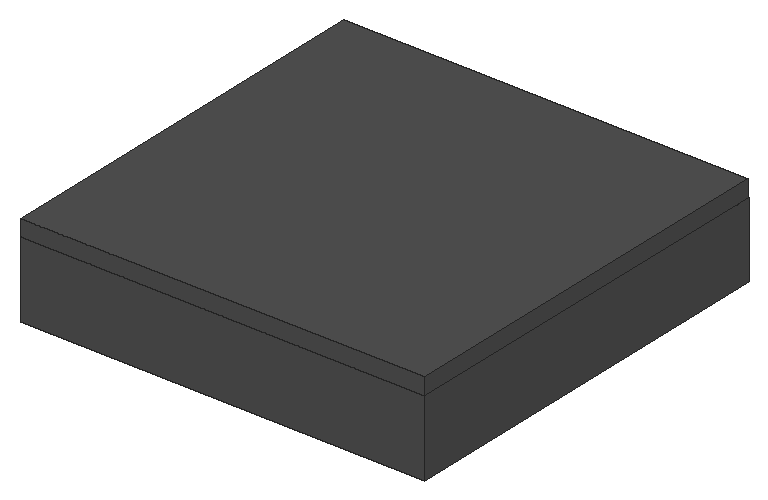
Revit family "22522bfcfeb8434db7f92ae914093831", category Lighting Fixtures, host Ceiling, Revit 2021
Family settings
  Host = Ceiling
  Round Connector Dimension = Use Diameter
  Part Type = Normal
  OmniClass Number = 23.80.70.11.14.11
  OmniClass Title = Downlights
  Seek Item ID = Troffer Light - 2x2 Parabolic-0000-USA-ENU
  Always vertical = Yes
  Cut with Voids When Loaded = No
  Light Source = Yes
  Shared = No
  Room Calculation Point = No
Parameters (values of type "2'x2'(2 Lamp) - 120V")
  Wattage = 40 W
  built-in parameter 1150110 = 1 (stored number, unit not read)
  built-in parameter 1114217 = 0.88 (stored number, unit not read)
  built-in parameter 1150109 = 1 (stored number, unit not read)
  built-in parameter 1150134 = 8
  built-in parameter 1150113 = 1 (stored number, unit not read)
  built-in parameter 1150115 = 1 (stored number, unit not read)
  built-in parameter 1150105 = 827.61 (stored number, unit not read)
  Load Classification = Lighting - Dwelling Unit
  Light Source Symbol Size = 2' - 0"
  built-in parameter 1150137 = 1
  built-in parameter 1150139 = (empty or 0)
  built-in parameter 1150112 = 1 (stored number, unit not read)
  built-in parameter 1150114 = 1 (stored number, unit not read)
  built-in parameter 1150132 = (empty or 0)
  built-in parameter 1150102 = (empty or 0)
  built-in parameter 1150138 = (empty or 0)
  built-in parameter 1150107 = 4230 (stored number, unit not read)
  built-in parameter 1150106 = 8.2761 (stored number, unit not read)
  Grid Material = Steel, Paint Finish, Dark Gray, Matte
  Emit from Rectangle Width = 1' - 10"
  Emit from Rectangle Length = 1' - 10"
  Emit Shape Visible in Rendering = no
  built-in parameter 1150104 = 6.0387 (stored number, unit not read)
  Dimming Lamp Color Temperature Shift = <None>
  Default Elevation = 0' - 0"
  Color Filter = 16777215
  built-in parameter 1140040 [instance] = (empty or 0)
  Ballast Voltage = 120 V
  Ballast Number of Poles = 1
  built-in parameter 1114218 = 0.88 (stored number, unit not read)
  built-in parameter 1150133 = 10 (stored number, unit not read)
  Assembly Code = "D5020210"
  Diffuser Material = Glass, White, High Luminance
  Lamp = "T-12"
  Light Box Material = Steel, Chrome Plated
  Lumens = 2600 lm
  Wattage Comments = ""
  Apparent Load = 40 VA
Types (4): name | Wattage | built-in parameter 1150105 | built-in parameter 1150106 | built-in parameter 1140040 | Ballast Voltage | Lumens | Apparent Load
  2'x2'(2 Lamp) - 120V | 40 W | 827.61 (stored number, unit not read) | 8.2761 (stored number, unit not read) | (empty or 0) | 120 V | 2600 lm | 40 VA
  2'x2'(2 Lamp) - 277V | 40 W | 827.61 (stored number, unit not read) | 8.2761 (stored number, unit not read) | (empty or 0) | 277 V | 2600 lm | 40 VA
  2'x2'(4 Lamp) - 120V | 80 W | 1655.2 (stored number, unit not read) | 16.552 (stored number, unit not read) | 1 | 120 V | 5200 lm | 80 VA
  2'x2'(4 Lamp) - 277V | 80 W | 1655.2 (stored number, unit not read) | 16.552 (stored number, unit not read) | 1 | 277 V | 5200 lm | 80 VA
Reference planes (in)
  plane 1 "Light Source Axis": y = -2.34118
  plane 2 "Ceiling": z = 96
  plane 3 "Light Source Axis": x = -0.73636
  plane 4 "Light Source Elevation": z = 95
  plane 5: x = -12.73636
  plane 6: x = 11.26364
  plane 7: y = 9.65882
  plane 8: y = -14.34118
  plane 9: y = 1.28382
  plane 10: y = -5.96618
  plane 11: y = 8.53382
  plane 12: y = -13.21618
  plane 13: x = -11.61136
  plane 14: x = 10.13864
  plane 15: x = -4.36136
  plane 16: x = 2.88864
  plane 17: y = 1.28382
  plane 18: y = -5.96618
  plane 19: y = 8.53382
  plane 20: y = -13.21618
  plane 21: x = -11.61136
  plane 22: x = 10.13864
  plane 23: x = -4.36136
  plane 24: x = 2.88864
Forms (in)
  Extrusion 1, solid, material "Steel, Chrome Plated" <- "Light Box Material"
    sketch origin (0, 0, 96) x (1, 0, 0) y (0, 1, 0)
      loop
        line (-12.73636, 9.65882) -> (-12.73636, -14.34118) -> (11.26364, -14.34118) -> (11.26364, 9.65882) -> (-12.73636, 9.65882)
      loop
        line (-11.73636, 8.65882) -> (-11.73636, -13.34118) -> (10.26364, -13.34118) -> (10.26364, 8.65882) -> (-11.73636, 8.65882)
    from 0 to 4.5
  Extrusion 2, solid, material "Steel, Chrome Plated" <- "Light Box Material"
    sketch origin (0, 0, 96) x (1, 0, 0) y (0, 1, 0)
      loop
        line (-12.73636, 9.65882) -> (-12.73636, -14.34118) -> (11.26364, -14.34118) -> (11.26364, 9.65882) -> (-12.73636, 9.65882)
    from 4.5 to 5.5
  Extrusion 3, solid, material "Glass, White, High Luminance" <- "Diffuser Material"
    sketch origin (0, 0, 96) x (1, 0, 0) y (0, 1, 0)
      loop
        line (-11.73636, 8.65882) -> (-11.73636, -13.34118) -> (10.26364, -13.34118) -> (10.26364, 8.65882) -> (-11.73636, 8.65882)
      loop
        line (-11.48636, 1.40882) -> (-4.48636, 1.40882) -> (-4.48636, 8.40882) -> (-11.48636, 8.40882) -> (-11.48636, 1.40882)
      loop
        line (-11.48636, -5.84118) -> (-4.48636, -5.84118) -> (-4.48636, 1.15882) -> (-11.48636, 1.15882) -> (-11.48636, -5.84118)
      loop
        line (-11.48636, -6.09118) -> (-11.48636, -13.09118) -> (-4.48636, -13.09118) -> (-4.48636, -6.09118) -> (-11.48636, -6.09118)
      loop
        line (-4.23636, 1.40882) -> (2.76364, 1.40882) -> (2.76364, 8.40882) -> (-4.23636, 8.40882) -> (-4.23636, 1.40882)
      loop
        line (-4.23636, -5.84118) -> (2.76364, -5.84118) -> (2.76364, 1.15882) -> (-4.23636, 1.15882) -> (-4.23636, -5.84118)
      loop
        line (-4.23636, -6.09118) -> (-4.23636, -13.09118) -> (2.76364, -13.09118) -> (2.76364, -6.09118) -> (-4.23636, -6.09118)
      loop
        line (3.01364, 1.40882) -> (10.01364, 1.40882) -> (10.01364, 8.40882) -> (3.01364, 8.40882) -> (3.01364, 1.40882)
      loop
        line (3.01364, -5.84118) -> (10.01364, -5.84118) -> (10.01364, 1.15882) -> (3.01364, 1.15882) -> (3.01364, -5.84118)
      loop
        line (3.01364, -6.09118) -> (3.01364, -13.09118) -> (10.01364, -13.09118) -> (10.01364, -6.09118) -> (3.01364, -6.09118)
    from 0.125 to 2
  Extrusion 4, solid, material "Glass, White, High Luminance" <- "Diffuser Material"
    sketch origin (0, 0, 96) x (1, 0, 0) y (0, 1, 0)
      loop
        line (-11.73636, 8.65882) -> (-11.73636, -13.34118) -> (10.26364, -13.34118) -> (10.26364, 8.65882) -> (-11.73636, 8.65882)
    from 3 to 3.25
  Extrusion 5, solid, material "Steel, Paint Finish, Dark Gray, Matte" <- "Grid Material"
    sketch origin (0, 0, 96) x (1, 0, 0) y (0, 1, 0)
      loop
        line (-11.73636, 8.65882) -> (-11.73636, -13.34118) -> (10.26364, -13.34118) -> (10.26364, 8.65882) -> (-11.73636, 8.65882)
      loop
        line (-11.48636, 1.40882) -> (-4.48636, 1.40882) -> (-4.48636, 8.40882) -> (-11.48636, 8.40882) -> (-11.48636, 1.40882)
      loop
        line (-11.48636, -5.84118) -> (-4.48636, -5.84118) -> (-4.48636, 1.15882) -> (-11.48636, 1.15882) -> (-11.48636, -5.84118)
      loop
        line (-11.48636, -6.09118) -> (-11.48636, -13.09118) -> (-4.48636, -13.09118) -> (-4.48636, -6.09118) -> (-11.48636, -6.09118)
      loop
        line (-4.23636, 1.40882) -> (2.76364, 1.40882) -> (2.76364, 8.40882) -> (-4.23636, 8.40882) -> (-4.23636, 1.40882)
      loop
        line (-4.23636, -5.84118) -> (2.76364, -5.84118) -> (2.76364, 1.15882) -> (-4.23636, 1.15882) -> (-4.23636, -5.84118)
      loop
        line (-4.23636, -6.09118) -> (-4.23636, -13.09118) -> (2.76364, -13.09118) -> (2.76364, -6.09118) -> (-4.23636, -6.09118)
      loop
        line (3.01364, 1.40882) -> (10.01364, 1.40882) -> (10.01364, 8.40882) -> (3.01364, 8.40882) -> (3.01364, 1.40882)
      loop
        line (3.01364, -5.84118) -> (10.01364, -5.84118) -> (10.01364, 1.15882) -> (3.01364, 1.15882) -> (3.01364, -5.84118)
      loop
        line (3.01364, -6.09118) -> (3.01364, -13.09118) -> (10.01364, -13.09118) -> (10.01364, -6.09118) -> (3.01364, -6.09118)
    from 0 to 0.125
Lines and regions (in)
  Opening 1
    outline origin (0, 0, 96) x (1, 0, 0) y (0, 1, 0)
      loop
        line (-12.73636, 9.65882) -> (-12.73636, -14.34118) -> (11.26364, -14.34118) -> (11.26364, 9.65882) -> (-12.73636, 9.65882)
  model lines
    curve 1: line (-11.73636, 8.65882, 96) -> (10.26364, 8.65882, 96)
    curve 2: line (-11.73636, -13.34118, 96) -> (-11.73636, 8.65882, 96)
    curve 3: line (10.26364, -13.34118, 96) -> (-11.73636, -13.34118, 96)
    curve 4: line (10.26364, 8.65882, 96) -> (10.26364, -13.34118, 96)
  symbolic lines
    curve 5: arc (6.46364, -2.34118, 0) -> (-0.73636, 4.85882, 0) -> (-7.93636, -2.34118, 0) r 7.2
    curve 6: arc (-7.93636, -2.34118, 0) -> (-0.73636, -9.54118, 0) -> (6.46364, -2.34118, 0) r 7.2
    curve 7: line (-11.73636, -13.34118, 0) -> (-5.82753, -7.43235, 0)
    curve 8: line (4.35481, -7.43235, 0) -> (10.26364, -13.34118, 0)
    curve 9: line (10.26364, 8.65882, 0) -> (4.35481, 2.74999, 0)
    curve 10: line (-5.82753, 2.74999, 0) -> (-11.73636, 8.65882, 0)
    curve 11: line (-11.73636, 8.65882, 0) -> (10.26364, 8.65882, 0)
    curve 12: line (10.26364, 8.65882, 0) -> (10.26364, -13.34118, 0)
    curve 13: line (10.26364, -13.34118, 0) -> (-11.73636, -13.34118, 0)
    curve 14: line (-11.73636, -13.34118, 0) -> (-11.73636, 8.65882, 0)
Dimensions and locks (in)
  equal spacing: host sketch curve, plane 3 "Light Source Axis", host sketch curve
  equal spacing: host sketch curve, plane 1 "Light Source Axis", host sketch curve
  host sketch curve to host sketch curve = 10' - 0"  (x2)
  equal spacing: plane 5, plane 3 "Light Source Axis", plane 6
  equal spacing: plane 8, plane 1 "Light Source Axis", plane 7
  locked: plane 5 to plane 6 at 24
  locked: plane 8 to plane 7 at 24
  locked: Extrusion 1 sketch curve to Extrusion 1 sketch curve at 1
  equal spacing: plane 11, plane 9, plane 10, plane 12
  equal spacing: plane 19, plane 17, plane 18, plane 20
  aligned and locked: plane 3 "Light Source Axis" to imposter light
  aligned and locked: plane 1 "Light Source Axis" to imposter light
  aligned and locked: plane 2 "Ceiling" to imposter light
Automatic sketch dimensions
  Opening 1 sketch curve to plane 5 = 0' - 0"
  Opening 1 sketch curve to plane 6 = 0' - 0"
  Opening 1 sketch curve to plane 8 = 0' - 0"
  Opening 1 sketch curve to plane 7 = 0' - 0"
  Extrusion 1 sketch curve to plane 5 = 0' - 0"
  Extrusion 1 sketch curve to plane 6 = 0' - 0"
  Extrusion 1 sketch curve to plane 8 = 0' - 0"
  Extrusion 1 sketch curve to plane 7 = 0' - 0"
  Extrusion 1 sketch curve to plane 5 = 0' - 1"
  plane 6 to Extrusion 1 sketch curve = 0' - 1"
  Extrusion 1 sketch curve to plane 8 = 0' - 1"
  Extrusion 2 sketch curve to plane 5 = 0' - 0"
  Extrusion 2 sketch curve to plane 6 = 0' - 0"
  Extrusion 2 sketch curve to plane 8 = 0' - 0"
  Extrusion 2 sketch curve to plane 7 = 0' - 0"
  Extrusion 4 sketch curve to plane 5 = 0' - 1"
  plane 6 to Extrusion 4 sketch curve = 0' - 1"
  Extrusion 4 sketch curve to plane 8 = 0' - 1"
  plane 7 to Extrusion 4 sketch curve = 0' - 1"
  plane 13 to Extrusion 3 sketch curve = 0' - 0 1/8"
  Extrusion 3 sketch curve to plane 13 = 0' - 0 1/8"  (x3)
  plane 15 to Extrusion 3 sketch curve = 0' - 0 1/8"  (x3)
  Extrusion 3 sketch curve to plane 15 = 0' - 0 1/8"  (x3)
  plane 16 to Extrusion 3 sketch curve = 0' - 0 1/8"  (x3)
  Extrusion 3 sketch curve to plane 16 = 0' - 0 1/8"  (x3)
  plane 14 to Extrusion 3 sketch curve = 0' - 0 1/8"  (x3)
  Extrusion 3 sketch curve to plane 14 = 0' - 0 1/8"
  Extrusion 3 sketch curve to plane 12 = 0' - 0 1/8"
  plane 12 to Extrusion 3 sketch curve = 0' - 0 1/8"  (x3)
  plane 10 to Extrusion 3 sketch curve = 0' - 0 1/8"  (x3)
  Extrusion 3 sketch curve to plane 10 = 0' - 0 1/8"  (x3)
  plane 9 to Extrusion 3 sketch curve = 0' - 0 1/8"  (x3)
  Extrusion 3 sketch curve to plane 9 = 0' - 0 1/8"  (x3)
  Extrusion 3 sketch curve to plane 11 = 0' - 0 1/8"  (x3)
  plane 11 to Extrusion 3 sketch curve = 0' - 0 1/8"
  plane 21 to Extrusion 5 sketch curve = 0' - 0 1/8"
  Extrusion 5 sketch curve to plane 21 = 0' - 0 1/8"  (x3)
  plane 23 to Extrusion 5 sketch curve = 0' - 0 1/8"  (x3)
  Extrusion 5 sketch curve to plane 23 = 0' - 0 1/8"  (x3)
  plane 24 to Extrusion 5 sketch curve = 0' - 0 1/8"  (x3)
  Extrusion 5 sketch curve to plane 24 = 0' - 0 1/8"  (x3)
  plane 22 to Extrusion 5 sketch curve = 0' - 0 1/8"  (x3)
  Extrusion 5 sketch curve to plane 22 = 0' - 0 1/8"
  Extrusion 5 sketch curve to plane 20 = 0' - 0 1/8"
  plane 20 to Extrusion 5 sketch curve = 0' - 0 1/8"  (x3)
  plane 18 to Extrusion 5 sketch curve = 0' - 0 1/8"  (x3)
  Extrusion 5 sketch curve to plane 18 = 0' - 0 1/8"  (x3)
  plane 17 to Extrusion 5 sketch curve = 0' - 0 1/8"  (x3)
  Extrusion 5 sketch curve to plane 17 = 0' - 0 1/8"  (x3)
  Extrusion 5 sketch curve to plane 19 = 0' - 0 1/8"  (x3)
  plane 19 to Extrusion 5 sketch curve = 0' - 0 1/8"
  curve 6 to plane 1 "Light Source Axis" = 0' - 0"
  curve 6 to plane 3 "Light Source Axis" = 0' - 0"
  curve 2 to plane 5 = 0' - 1"
  curve 10 to curve 1 = 0' - 0"  (x2)
  plane 1 "Light Source Axis" to curve 7 = 0' - 5.09117"
  plane 1 "Light Source Axis" to curve 8 = 0' - 5.09117"
  curve 9 to plane 1 "Light Source Axis" = 0' - 5.09117"
  plane 6 to curve 4 = 0' - 1"
  curve 8 to curve 3 = 0' - 0"  (x2)
  curve 9 to curve 1 = 0' - 0"  (x2)
  curve 7 to plane 8 = 0' - 1"
  curve 10 to plane 1 "Light Source Axis" = 0' - 5.09117"
  plane 7 to curve 1 = 0' - 1"
  curve 7 to curve 2 = 0' - 0"
  curve 3 to plane 8 = 0' - 1"
  curve 14 to plane 5 = 0' - 1"
  plane 6 to curve 13 = 0' - 1"
  curve 13 to plane 8 = 0' - 1"
  plane 7 to curve 12 = 0' - 1"
Connectors (in)
  electrical at (-0.73636, -2.34118, 96.125), driven by "Apparent Load", driven by "Ballast Voltage", driven by "Ballast Number of Poles", driven by "Load Classification"
    settings: on Extrusion 3, index 1, voltage 120 V, apparent load 0 VA, apparent load phase1 40 VA, apparent load phase2 0 VA, apparent load phase3 0 VA, power factor 0.95, load classification "Lighting - Dwelling Unit", number of poles 1, system type 31, power factor state 1, is connector primary yes, connector utility no, sub classification motor no, connector description ""
